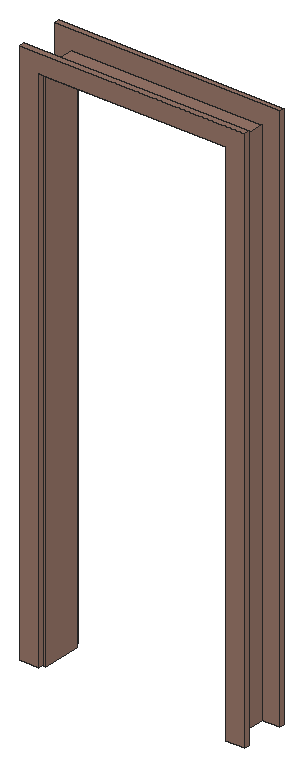
Revit family
Parameters (values of type "0762 x 2134mm")
  프레임 재료 = 문 - 프레임
  높이 = 2134 mm
  자르기 두께 = 20 mm
  자르기 폭 = 75 mm
  폭 = 762 mm
Types (8, lengths in mm): name | 높이 | 폭
  (no name) | 2134 | 762
  0915 x 2134mm | 2134 | 915
  0762 x 2134mm | 2134 | 762
  0762 x 2032mm | 2032 | 762
  0813 x 2134mm | 2134 | 813
  0864 x 2032mm | 2032 | 864
  0864 x 2134mm | 2134 | 864
  0915 x 2032mm | 2032 | 915
Reference planes
  plane 1: y = 0
  plane 2 "중심(왼쪽/오른쪽)": x = -8.189
  plane 3 "오른쪽": x = 372.811
  plane 4 "왼쪽": x = -389.189
  plane 5 "상단": z = 2134
  plane 6: y = 96.2
  plane 7: y = -96.2
Forms (mm)
  Sweep 1, solid, material "문 - 프레임" <- "프레임 재료", detail levels medium+fine
    path in 3D
      loop
        line (372.811, 76.2, 0) -> (372.811, 76.2, 2134) -> (-389.189, 76.2, 2134) -> (-389.189, 76.2, 0)
    profile origin (372.811, 0, 1067) x (0, 1, 0) y (-1, 0, 0)
      loop
        line (76.2, 0.95) -> (76.2, 20) -> (-76.2, 20) -> (-76.2, 0.95) -> (76.2, 0.95)
  Extrusion 2, solid, material "문 - 프레임" <- "프레임 재료", detail levels medium+fine
    sketch origin (-1524, 76.2, 0) x (-1, 0, 0) y (0, 0, 1)
      loop
        line (-1890.461, 0) -> (-1890.461, 2127.65) -> (-1141.161, 2127.65) -> (-1141.161, 0) -> (-1066.161, 0) -> (-1066.161, 2208.05) -> (-1965.461, 2208.05) -> (-1965.461, 0) -> (-1890.461, 0)
    from 0 to 20
  Extrusion 3, solid, material "문 - 프레임" <- "프레임 재료", detail levels medium+fine
    sketch origin (-1524, -76.2, 0) x (1, 0, 0) y (0, 0, 1)
      loop
        line (1141.161, 2127.65) -> (1890.461, 2127.65) -> (1890.461, 0) -> (1965.461, 0) -> (1965.461, 2202.65) -> (1066.161, 2202.65) -> (1066.161, 0) -> (1141.161, 0) -> (1141.161, 2127.65)
    from 0 to 20
Lines and regions (mm)
  Opening 1
    outline origin (-1524, -76.2, 0) x (1, 0, 0) y (0, 0, 1)
      loop
        line (1896.811, 2134) -> (1134.811, 2134) -> (1134.811, 0) -> (1896.811, 0) -> (1896.811, 2134)
  symbolic lines, style "오버헤드"
    curve 1: line (-389.189, 76.2, 0) -> (372.811, 76.2, 0)
    curve 2: line (-389.189, -76.2, 0) -> (372.811, -76.2, 0)
  sketch lines
    curve 3: line (372.811, 76.2, 0) -> (372.811, 76.2, 2134)
    curve 4: line (372.811, 76.2, 2134) -> (-389.189, 76.2, 2134)
    curve 5: line (-389.189, 76.2, 2134) -> (-389.189, 76.2, 0)
  symbolic lines, style "GenericModel", detail levels medium+fine
    curve 6: line (-457.839, 76.2, 0) -> (-457.839, 96.2, 0)
    curve 7: line (-457.839, 96.2, 0) -> (-382.839, 96.2, 0)
    curve 8: line (-382.839, 96.2, 0) -> (-382.839, 76.2, 0)
    curve 9: line (-369.189, 76.2, 0) -> (-369.189, -76.2, 0)
    curve 10: line (-382.839, -76.2, 0) -> (-382.839, -96.2, 0)
    curve 11: line (-382.839, -96.2, 0) -> (-457.839, -96.2, 0)
    curve 12: line (-457.839, -96.2, 0) -> (-457.839, -76.2, 0)
    curve 13: line (441.461, 76.2, 0) -> (441.461, 96.2, 0)
    curve 14: line (441.461, 96.2, 0) -> (366.461, 96.2, 0)
    curve 15: line (366.461, 96.2, 0) -> (366.461, 76.2, 0)
    curve 16: line (352.811, 76.2, 0) -> (352.811, -76.2, 0)
    curve 17: line (366.461, -76.2, 0) -> (366.461, -96.2, 0)
    curve 18: line (366.461, -96.2, 0) -> (441.461, -96.2, 0)
    curve 19: line (441.461, -96.2, 0) -> (441.461, -76.2, 0)
Text (mm)
  text "측면 배치" at (0, 1019.848, 3124.603), in view "오른쪽"
  text "측면 배치" at (-1787.662, 1269.283, 0), in view "참조 레벨"
  text "측면 배치" at (0, 1504.039, 2975.729), in view "왼쪽"
Dimensions and locks
  "폭": plane 4 "왼쪽" to plane 3 "오른쪽"
  equal spacing: plane 4 "왼쪽", plane 2 "중심(왼쪽/오른쪽)", plane 3 "오른쪽"
  "높이": host wall to plane 5 "상단"
  "자르기 두께": Sweep 1 sketch curve to plane 3 "오른쪽"
  plane 3 "오른쪽" to Extrusion 2 sketch curve = 6.35 mm
  "자르기 폭": Extrusion 2 sketch curve to Extrusion 2 sketch curve  (x2)
  locked: plane 4 "왼쪽" to Extrusion 2 sketch curve at 6.35
  locked: Extrusion 2 sketch curve to plane 5 "상단" at 6.35
  "자르기 폭": Sweep 1 to Extrusion 2 sketch curve
  locked: Extrusion 3 sketch curve to plane 4 "왼쪽" at 6.35
  "자르기 폭": Extrusion 3 sketch curve to Extrusion 3 sketch curve  (x3)
  locked: plane 5 "상단" to Extrusion 3 sketch curve at 6.35
  locked: plane 3 "오른쪽" to Extrusion 3 sketch curve at 6.35
  "자르기 두께": host wall to plane 6
  "자르기 두께": plane 7 to host wall
  aligned and locked: plane 3 "오른쪽" to Opening 1 sketch curve
  aligned and locked: Opening 1 sketch curve to plane 5 "상단"
  aligned and locked: level to Opening 1 sketch curve
  aligned and locked: Opening 1 sketch curve to plane 4 "왼쪽"
  aligned and locked: host wall to Sweep 1 sketch curve  (x2)
  aligned and locked: Extrusion 2 to plane 6
  aligned and locked: plane 7 to Extrusion 3
Automatic sketch dimensions
  Sweep 1 sketch curve to Sweep 1 sketch curve = 19.05 mm
  Extrusion 2 sketch curve to level = 0 mm  (x2)
  Extrusion 3 sketch curve to level = 0 mm  (x2)
  curve 12 to plane 7 = 0 mm
  curve 7 to plane 6 = 0 mm
  curve 12 to host wall = 0 mm
  curve 6 to host wall = 0 mm
  curve 2 to host wall = 0 mm
  curve 2 to plane 4 "왼쪽" = 0 mm
  curve 1 to host wall = 0 mm
  curve 1 to plane 4 "왼쪽" = 0 mm
  curve 17 to plane 7 = 0 mm
  curve 14 to plane 6 = 0 mm
  curve 1 to plane 3 "오른쪽" = 0 mm
  curve 2 to plane 3 "오른쪽" = 0 mm
  curve 13 to host wall = 0 mm
  curve 19 to host wall = 0 mm
  curve 11 to plane 4 "왼쪽" = 68.65 mm
  curve 6 to plane 4 "왼쪽" = 68.65 mm
  curve 2 to curve 10 = 6.35 mm
  curve 1 to curve 8 = 6.35 mm
  curve 10 to curve 9 = 13.65 mm
  curve 16 to plane 3 "오른쪽" = 20 mm
  curve 17 to plane 3 "오른쪽" = 6.35 mm
  curve 14 to plane 3 "오른쪽" = 6.35 mm
  plane 3 "오른쪽" to curve 13 = 68.65 mm
  plane 3 "오른쪽" to curve 18 = 68.65 mm
